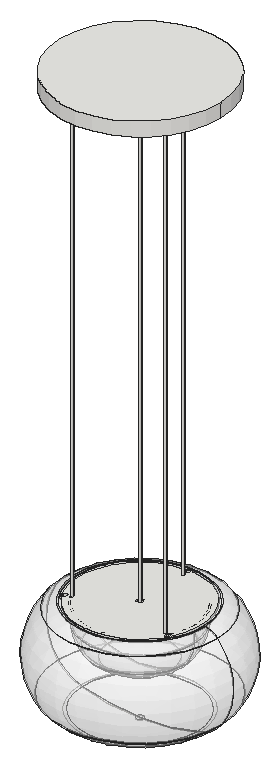
Revit family "CONV_Zero_GnrlPrpseLmnrs_MistPendant", category Lighting Fixtures, host Ceiling, Revit 2015
Parameters (values of type "Mist pendant 250 LED 880LM/9W Opal")
  Wattage = 5.92425 W
  WarrantyStartDate [instance] = "n/a"
  WarrantyGuarantorParts = "n/a"
  WarrantyGuarantorLabor = "n/a"
  WarrantyDurationUnit = "Year"
  WarrantyDurationParts = "n/a"
  WarrantyDurationLabor = "n/a"
  WarrantyDescription = "n/a"
  built-in parameter 1150110 = 1 (stored number, unit not read)
  VersionDate = "13/01/2018"  # constant formula
  Version = "1"  # constant formula
  UsageCurrent = 0 A
  Uniclass2015Reference = "Pr_70_70_48_86"
  Uniclass2015Description = "Suspended luminaires"
  Uniclass2 = "Pr_70_70_49_86"
  URL = "https://www.zerolighting.com/mist-inompe"
  TotalWattage = 9 W
  built-in parameter 1114217 = 1 (stored number, unit not read)
  Tilt Angle = 90.00°
  built-in parameter 1150109 = 1 (stored number, unit not read)
  built-in parameter 1150134 = (empty or 0)
  TagNumber [instance] = "n/a"
  SustainabilityPerformance = "n/a"
  built-in parameter 1150113 = 1 (stored number, unit not read)
  Size = "250x250x137 mm"
  Shape = "Sculptured"
  SerialNumber [instance] = "n/a"
  Revision = "n/a"
  ReplacementCost = "n/a"
  ProductInformation = "n/a"
  Photometric Web File = "Mist83651.IES"
  PhaseReference = "n/a"
  PhaseAngle = 0.00°
  Offset [instance] = -CableLength - 18 mm - NominalHeight  # -755 mm
  NumberOfSources = 0
  NumberOfPoles = 1
  NominalWidth = 250 mm
  NominalVoltageCalc = 0 V
  NominalVoltage = 230 V
  NominalRadius = 125 mm
  NominalLength = 250 mm
  NominalHeight = 137 mm
  NominalFrequencyRange = 50 Hz
  NominalDiameter = 250 mm
  NominalCurrent = 0 A
  Name = "GnrlPrpseLmnrs_MistPendant"
  NBSReference = "90-60-50/405"
  NBSDescription = "General purpose luminaires"
  ModelType = mist-pendel-250 : mist-pendel-250
  ModelReference = "n/a"
  ModelNumber = "8365-1-01"
  Model = "Mist pendant 250 LED 880LM/9W Opal"
  Material = "Metal and acrylic"
  ManufacturersSpecificInformation = "n/a"
  ManufacturerURL = "https://www.zerolighting.com/"
  ManufacturerName = "Zero"
  Manufacturer = "Zero"
  MaintenanceFactor = 0
  Lumens = 880 lm
  built-in parameter 1150115 = 1 (stored number, unit not read)
  built-in parameter 1150105 = 70.028 (stored number, unit not read)
  LightFixturePlacingType = "Ceiling"
  LightFixtureMountingType = "Suspended"
  LightFixtureMainMaterial = Opalwhite
  built-in parameter 1150137 = (empty or 0)
  built-in parameter 1150139 = (empty or 0)
  LensMaterial = Difused glass
  built-in parameter 1150112 = 1 (stored number, unit not read)
  built-in parameter 1150114 = 1 (stored number, unit not read)
  InsulationStandardClass = "n/a"
  InstallationDate [instance] = "n/a"
  built-in parameter 1150132 = 2
  built-in parameter 1150102 = (empty or 0)
  built-in parameter 1150138 = (empty or 0)
  built-in parameter 1150107 = 3000 (stored number, unit not read)
  built-in parameter 1150106 = 0.70028 (stored number, unit not read)
  IfcExportType = "NOTDEFINED"  # constant formula
  IfcExportAs = "IfcLightFixtureType"  # constant formula
  IP_Code = "IP20"
  HasProtectiveEarth = yes
  Grade = "n/a"
  Finish = "White painted metal, matt acrylic"
  Features = "Terminal block inside canopy"
  ExpiringDate = "07/2018"  # constant formula
  ExpectedLife = "n/a"
  Emit from Circle Diameter = NominalDiameter  # 250 mm
  Emit Shape Visible in Rendering = no
  ElectricalDeviceNominalPower = 0
  built-in parameter 1150104 = 13.8 (stored number, unit not read)
  EANNumber = "n/a"
  DurationUnit = "Year"
  Dimming Lamp Color Temperature Shift = <None>
  Dimming = ""
  Designer = "Front Design 2017"
  DefaultElevation = 0 mm
  ConvergoRefNr = "0046-1708-0033-SE"
  Constituents = "n/a"
  Color Filter = 16777215
  Color = "Opal"
  Collection = "Mist"
  CodePerformance = "n/a"
  Category = "Pendant"
  CableLength [instance] = 600 mm
  Brand = "Zero"
  Barcode [instance] = "n/a"
  built-in parameter 1114218 = 1 (stored number, unit not read)
  BIMObjectName = "CONV_Zero_GnrlPrpseLmnrs_MistPendant"
  Author = "Convergo AB"  # constant formula
  built-in parameter 1150133 = 10 (stored number, unit not read)
  AssetType = "Fixed"
  AssetIdentifier [instance] = "n/a"
  ArticleNumber = "8365-1-01"
  AccessibilityPerformance = "n/a"
Types (18, lengths in mm): name | Wattage | TotalWattage | Size | Photometric Web File | Offset | NominalWidth | NominalRadius | NominalLength | NominalHeight | NominalDiameter | ModelType | ModelNumber | Model | Lumens | built-in parameter 1150105 | LightFixtureMainMaterial | built-in parameter 1150106 | Emit from Circle Diameter | Dimming | ConvergoRefNr | Color | ArticleNumber
  Mist pendant 250 LED 880LM/9W Opal | 5.92425 W | 9 W | "250x250x137 mm" | "Mist83651.IES" | -755 | 250 | 125 | 250 | 137 | 250 | mist-pendel-250 : mist-pendel-250 | "8365-1-01" | "Mist pendant 250 LED 880LM/9W Opal" | 880 lm | 70.028 (stored number, unit not read) | Opalwhite | 0.70028 (stored number, unit not read) | 250 | "" | "0046-1708-0033-SE" | "Opal" | "8365-1-01"
  Mist pendant 350 LED 1947LM/26W Opal | 13.1074 W | 26 W | "350x350x193 mm" | "Mist83653.IES" | -811 | 350 | 175 | 350 | 193 | 350 | mist-pendel-350 : mist-pendel-350 | "8365-3-01" | "Mist pendant 350 LED 1947LM/26W Opal" | 1947 lm | 352.55 (stored number, unit not read) | Opalwhite | 3.5255 (stored number, unit not read) | 350 | "" | "0046-1708-0034-SE" | "Opal" | "8365-3-01"
  Mist pendant 450 LED 2130LM/26W Opal | 14.3394 W | 26 W | "450x450x247 mm" | "Mist83655.IES" | -865 | 450 | 225 | 450 | 247 | 450 | mist-pendel-450 : mist-pendel-450 | "8365-5-01" | "Mist pendant 450 LED 2130LM/26W Opal" | 2130 lm | 385.69 (stored number, unit not read) | Opalwhite | 3.8569 (stored number, unit not read) | 450 | "" | "0046-1708-0035-SE" | "Opal" | "8365-5-01"
  Mist pendant 250 LED 880LM/9W Yellow | 5.92425 W | 9 W | "250x250x137 mm" | "Mist83651.IES" | -755 | 250 | 125 | 250 | 137 | 250 | mist-pendel-250 : mist-pendel-250 | "8365-1-14" | "Mist pendant 250 LED 880LM/9W Yellow" | 880 lm | 70.028 (stored number, unit not read) | Yellow | 0.70028 (stored number, unit not read) | 250 | "" | "0046-1708-0033-SE" | "Yellow" | "8365-1-14"
  Mist pendant 250 LED 880LM/9W Pink | 5.92425 W | 9 W | "250x250x137 mm" | "Mist83651.IES" | -755 | 250 | 125 | 250 | 137 | 250 | mist-pendel-250 : mist-pendel-250 | "8365-1-42" | "Mist pendant 250 LED 880LM/9W Pink" | 880 lm | 70.028 (stored number, unit not read) | Pink | 0.70028 (stored number, unit not read) | 250 | "" | "0046-1708-0033-SE" | "Pink" | "8365-1-42"
  Mist pendant 350 LED 1947LM/26W Yellow | 13.1074 W | 26 W | "350x350x193 mm" | "Mist83653.IES" | -811 | 350 | 175 | 350 | 193 | 350 | mist-pendel-350 : mist-pendel-350 | "8365-3-14" | "Mist pendant 350 LED 1947LM/26W Yellow" | 1947 lm | 352.55 (stored number, unit not read) | Yellow | 3.5255 (stored number, unit not read) | 350 | "" | "0046-1708-0034-SE" | "Yellow" | "8365-3-14"
  Mist pendant 350 LED 1947LM/26W Pink | 13.1074 W | 26 W | "350x350x193 mm" | "Mist83653.IES" | -811 | 350 | 175 | 350 | 193 | 350 | mist-pendel-350 : mist-pendel-350 | "8365-3-42" | "Mist pendant 350 LED 1947LM/26W Pink" | 1947 lm | 352.55 (stored number, unit not read) | Pink | 3.5255 (stored number, unit not read) | 350 | "" | "0046-1708-0034-SE" | "Pink" | "8365-3-42"
  Mist pendant 450 LED 2130LM/26W Yellow | 14.3394 W | 26 W | "450x450x247 mm" | "Mist83655.IES" | -865 | 450 | 225 | 450 | 247 | 450 | mist-pendel-450 : mist-pendel-450 | "8365-5-14" | "Mist pendant 450 LED 2130LM/26W Yellow" | 2130 lm | 385.69 (stored number, unit not read) | Yellow | 3.8569 (stored number, unit not read) | 450 | "" | "0046-1708-0035-SE" | "Yellow" | "8365-5-14"
  Mist pendant 450 LED 2130LM/26W Pink | 14.3394 W | 26 W | "450x450x247 mm" | "Mist83655.IES" | -865 | 450 | 225 | 450 | 247 | 450 | mist-pendel-450 : mist-pendel-450 | "8365-5-42" | "Mist pendant 450 LED 2130LM/26W Pink" | 2130 lm | 385.69 (stored number, unit not read) | Pink | 3.8569 (stored number, unit not read) | 450 | "" | "0046-1708-0035-SE" | "Pink" | "8365-5-42"
  Mist pendant 250 LED 880LM/9W Opal HFF | 5.92425 W | 9 W | "250x250x137 mm" | "Mist83651.IES" | -755 | 250 | 125 | 250 | 137 | 250 | mist-pendel-250 : mist-pendel-250 | "8365-1-01HFF" | "Mist pendant 250 LED 880LM/9W Opal HFF" | 880 lm | 70.028 (stored number, unit not read) | Opalwhite | 0.70028 (stored number, unit not read) | 250 | "Dimmable DALI or SwitchDim" | "0046-1708-0033-SE" | "Opal" | "8365-1-01HFF"
  Mist pendant 250 LED 880LM/9W Pink HFF | 5.92425 W | 9 W | "250x250x137 mm" | "Mist83651.IES" | -755 | 250 | 125 | 250 | 137 | 250 | mist-pendel-250 : mist-pendel-250 | "8365-1-42HFF" | "Mist pendant 250 LED 880LM/9W Pink HFF" | 880 lm | 70.028 (stored number, unit not read) | Pink | 0.70028 (stored number, unit not read) | 250 | "Dimmable DALI or SwitchDim" | "0046-1708-0033-SE" | "Pink" | "8365-1-42HFF"
  Mist pendant 250 LED 880LM/9W Yellow HFF | 5.92425 W | 9 W | "250x250x137 mm" | "Mist83651.IES" | -755 | 250 | 125 | 250 | 137 | 250 | mist-pendel-250 : mist-pendel-250 | "8365-1-14HFF" | "Mist pendant 250 LED 880LM/9W Yellow HFF" | 880 lm | 70.028 (stored number, unit not read) | Yellow | 0.70028 (stored number, unit not read) | 250 | "Dimmable DALI or SwitchDim" | "0046-1708-0033-SE" | "Yellow" | "8365-1-14HFF"
  Mist pendant 350 LED 1947LM/26W Opal HFF | 13.1074 W | 26 W | "350x350x193 mm" | "Mist83653.IES" | -811 | 350 | 175 | 350 | 193 | 350 | mist-pendel-350 : mist-pendel-350 | "8365-3-01HFF" | "Mist pendant 350 LED 1947LM/26W Opal HFF" | 1947 lm | 352.55 (stored number, unit not read) | Opalwhite | 3.5255 (stored number, unit not read) | 350 | "Dimmable DALI or SwitchDim" | "0046-1708-0034-SE" | "Opal" | "8365-3-01HFF"
  Mist pendant 350 LED 1947LM/26W Pink HFF | 13.1074 W | 26 W | "350x350x193 mm" | "Mist83653.IES" | -811 | 350 | 175 | 350 | 193 | 350 | mist-pendel-350 : mist-pendel-350 | "8365-3-42HFF" | "Mist pendant 350 LED 1947LM/26W Pink HFF" | 1947 lm | 352.55 (stored number, unit not read) | Pink | 3.5255 (stored number, unit not read) | 350 | "Dimmable DALI or SwitchDim" | "0046-1708-0034-SE" | "Pink" | "8365-3-42HFF"
  Mist pendant 350 LED 1947LM/26W Yellow HFF | 13.1074 W | 26 W | "350x350x193 mm" | "Mist83653.IES" | -811 | 350 | 175 | 350 | 193 | 350 | mist-pendel-350 : mist-pendel-350 | "8365-3-14HFF" | "Mist pendant 350 LED 1947LM/26W Yellow HFF" | 1947 lm | 352.55 (stored number, unit not read) | Yellow | 3.5255 (stored number, unit not read) | 350 | "Dimmable DALI or SwitchDim" | "0046-1708-0034-SE" | "Yellow" | "8365-3-14HFF"
  Mist pendant 450 LED 2130LM/26W Opal HFF | 14.3394 W | 26 W | "450x450x247 mm" | "Mist83655.IES" | -865 | 450 | 225 | 450 | 247 | 450 | mist-pendel-450 : mist-pendel-450 | "8365-5-01HFF" | "Mist pendant 450 LED 2130LM/26W Opal HFF" | 2130 lm | 385.69 (stored number, unit not read) | Opalwhite | 3.8569 (stored number, unit not read) | 450 | "Dimmable DALI or SwitchDim" | "0046-1708-0035-SE" | "Opal" | "8365-5-01HFF"
  Mist pendant 450 LED 2130LM/26W Pink HFF | 14.3394 W | 26 W | "450x450x247 mm" | "Mist83655.IES" | -865 | 450 | 225 | 450 | 247 | 450 | mist-pendel-450 : mist-pendel-450 | "8365-5-42HFF" | "Mist pendant 450 LED 2130LM/26W Pink HFF" | 2130 lm | 385.69 (stored number, unit not read) | Pink | 3.8569 (stored number, unit not read) | 450 | "Dimmable DALI or SwitchDim" | "0046-1708-0035-SE" | "Pink" | "8365-5-42HFF"
  Mist pendant 450 LED 2130LM/26W Yellow HFF | 14.3394 W | 26 W | "450x450x247 mm" | "Mist83655.IES" | -865 | 450 | 225 | 450 | 247 | 450 | mist-pendel-450 : mist-pendel-450 | "8365-5-14HFF" | "Mist pendant 450 LED 2130LM/26W Yellow HFF" | 2130 lm | 385.69 (stored number, unit not read) | Yellow | 3.8569 (stored number, unit not read) | 450 | "Dimmable DALI or SwitchDim" | "0046-1708-0035-SE" | "Yellow" | "8365-5-14HFF"
Reference planes
  plane 1 "Light Source Axis (F/B)": y = 0
  plane 2: z = 0
  plane 3 "Light Source Axis (L/R)": x = 0
  plane 4 "Ceiling": z = 0
  plane 5 "Light Source Elevation": z = -751
  plane 6: y = 125
  plane 7: y = -125
  plane 8: x = -125
  plane 9: x = 125
  plane 10: z = -618
  plane 11: z = -755
  plane 12: z = -18
Forms (mm)
  Extrusion 1, solid, material "Opalwhite", detail levels medium+fine
    sketch origin (0, 0, -751) x (-1, 0, 0) y (0, -1, 0)
      loop
        circle (0, 0) r 1.5
      loop
        circle (0, -70) r 1.5
      loop
        circle (60.622, 35) r 1.5
      loop
        circle (-60.622, 35) r 1.5
    from 133 to 733
  Extrusion 2, solid, material "Opalwhite" <- "LightFixtureMainMaterial", detail levels coarse
    sketch origin (0, 0, 0) x (1, 0, 0) y (0, 0, 1)
      loop
        line (125, 0) -> (-125, 0) -> (-125, -755) -> (125, -755) -> (125, 0)
    from -125 to 125
  Extrusion 3, solid, material "Opalwhite" <- "LightFixtureMainMaterial", detail levels coarse
    sketch origin (0, 0, 0) x (0, 1, 0) y (0, 0, 1)
      loop
        line (125, -755) -> (125, 0) -> (-125, 0) -> (-125, -755) -> (125, -755)
    from -125 to 125
  Extrusion 4, solid, material "Opalwhite" <- "LightFixtureMainMaterial", detail levels medium+fine
    sketch origin (0, 0, -751) x (-1, 0, 0) y (0, -1, 0)
      loop
        circle (0, 0) r 105
    from 733 to 751
Lines and regions (mm)
  symbolic lines, detail levels fine
    curve 1: line (63.622, 0, 0) -> (57.622, 0, 0)
    curve 3: line (1.5, 0, 0) -> (-1.5, 0, 0)
    curve 5: line (-59.122, 0, 0) -> (-62.122, 0, 0)
    curve 6: line (0, 73, -18) -> (0, 67, -18)
    curve 7: line (0, 1.5, -18) -> (0, -1.5, -18)
    curve 8: line (0, -33.472, -18) -> (0, -36.501, -18)
  symbolic lines, detail levels medium+fine
    curve 2: line (57.622, 0, 0) -> (1.5, 0, 0)
    curve 4: line (-1.5, 0, 0) -> (-59.122, 0, 0)
    curve 21: line (-105, 0, -18) -> (105, 0, -18)
    curve 22: line (105, 0, 0) -> (-105, 0, 0)
    curve 23: line (105, 0, 0) -> (105, 0, -18)
    curve 24: line (-105, 0, 0) -> (-105, 0, -18)
    curve 25: line (0, -105, -18) -> (0, 105, -18)
    curve 26: line (0, 105, 0) -> (0, -105, 0)
    curve 27: line (0, 105, 0) -> (0, 105, -18)
    curve 28: line (0, -105, 0) -> (0, -105, -18)
  symbolic lines, detail levels coarse
    curve 9: line (0, 125, -755) -> (0, -125, -755)
    curve 10: line (0, 125, 0) -> (0, 125, -755)
    curve 11: line (0, -125, 0) -> (0, 125, 0)
    curve 12: line (0, -125, -755) -> (0, -125, 0)
    curve 13: line (125, 0, 0) -> (-125, 0, 0)
    curve 14: line (125, 0, -755) -> (125, 0, 0)
    curve 15: line (-125, 0, -755) -> (125, 0, -755)
    curve 16: line (-125, 0, 0) -> (-125, 0, -755)
    curve 17: line (125, 125, 0) -> (-125, 125, 0)
    curve 18: line (125, -125, 0) -> (125, 125, 0)
    curve 19: line (-125, -125, 0) -> (125, -125, 0)
    curve 20: line (-125, 125, 0) -> (-125, -125, 0)
Dimensions and locks
  equal spacing: host sketch curve, plane 3 "Light Source Axis (L/R)", host sketch curve
  equal spacing: host sketch curve, plane 1 "Light Source Axis (F/B)", host sketch curve
  host sketch curve to host sketch curve = 4000 mm  (x2)
  locked: plane 4 "Ceiling" to host ceiling at 0
  equal spacing: plane 6, plane 1 "Light Source Axis (F/B)", plane 7
  "NominalWidth": plane 6 to plane 7
  equal spacing: plane 8, plane 3 "Light Source Axis (L/R)", plane 9
  "NominalLength": plane 8 to plane 9
  "NominalHeight": plane 10 to plane 11
  plane 1 "Light Source Axis (F/B)" to Extrusion 1 sketch curve = 70 mm
  plane 5 "Light Source Elevation" to plane 10 = 133 mm
  "CableLength": plane 10 to plane 12
  aligned and locked: plane 1 "Light Source Axis (F/B)" to imposter light
  aligned and locked: plane 5 "Light Source Elevation" to imposter light
  aligned and locked: plane 2 to Extrusion 2 sketch curve
  aligned and locked: Extrusion 2 sketch curve to plane 9
  aligned and locked: plane 11 to Extrusion 2 sketch curve
  aligned and locked: plane 8 to Extrusion 2 sketch curve
  aligned and locked: plane 6 to Extrusion 2
  aligned and locked: Extrusion 2 to plane 7
  aligned and locked: curve 6 to Extrusion 1
  aligned and locked: curve 9 to Extrusion 2
  aligned and locked: curve 10 to Extrusion 2
  aligned and locked: curve 11 to Extrusion 2
  aligned and locked: curve 12 to Extrusion 2
  aligned and locked: curve 13 to Extrusion 2
  aligned and locked: curve 14 to Extrusion 2
  aligned and locked: curve 15 to Extrusion 2
  aligned and locked: curve 16 to Extrusion 2
  aligned and locked: Extrusion 1 to plane 10
  aligned and locked: Extrusion 3 sketch curve to Extrusion 2  (x4)
  aligned and locked: plane 8 to Extrusion 3
  aligned and locked: Extrusion 3 to plane 9
  aligned and locked: curve 17 to plane 6
  aligned and locked: curve 18 to plane 9
  aligned and locked: plane 7 to curve 19
  aligned and locked: curve 20 to plane 8
  aligned and locked: level to Extrusion 4
  aligned and locked: curve 21 to Extrusion 4
  aligned and locked: curve 22 to Extrusion 4
  aligned and locked: plane 12 to Extrusion 4
  aligned and locked: Extrusion 4 to level
  aligned and locked: Extrusion 1 to Extrusion 4
  aligned and locked: curve 25 to Extrusion 4
  aligned and locked: curve 26 to Extrusion 4
  aligned and locked: plane 12 to curve 8
  aligned and locked: plane 12 to curve 7
Automatic sketch dimensions
  Extrusion 1 sketch curve to plane 3 "Light Source Axis (L/R)" = 0 mm  (x2)
  plane 1 "Light Source Axis (F/B)" to Extrusion 1 sketch curve = 0 mm
  plane 3 "Light Source Axis (L/R)" to Extrusion 1 sketch curve = 60.622 mm
  Extrusion 1 sketch curve to plane 3 "Light Source Axis (L/R)" = 60.622 mm
  plane 1 "Light Source Axis (F/B)" to Extrusion 1 sketch curve = 35 mm  (x2)
  plane 1 "Light Source Axis (F/B)" to Extrusion 4 sketch curve = 0 mm
  Extrusion 4 sketch curve to plane 3 "Light Source Axis (L/R)" = 0 mm
  curve 22 to level = 0 mm
  curve 5 to level = 0 mm
  curve 13 to level = 0 mm
  curve 3 to plane 3 "Light Source Axis (L/R)" = 1.5 mm
  plane 3 "Light Source Axis (L/R)" to curve 2 = 1.5 mm
  plane 9 to curve 21 = 20 mm
  curve 23 to curve 22 = 18 mm
  curve 21 to plane 8 = 20 mm
  curve 5 to curve 4 = 3 mm
  curve 1 to curve 1 = 6 mm
  plane 12 to curve 25 = 0 mm
  curve 26 to level = 0 mm
  plane 7 to curve 25 = 20 mm
  plane 1 "Light Source Axis (F/B)" to curve 8 = 36.501 mm
  curve 7 to plane 1 "Light Source Axis (F/B)" = 1.5 mm
  curve 27 to plane 6 = 20 mm
  curve 6 to curve 25 = 38 mm
  curve 6 to curve 6 = 6 mm
  plane 1 "Light Source Axis (F/B)" to curve 7 = 1.5 mm
  curve 8 to curve 8 = 3.029 mm
  curve 2 to curve 22 = 47.378 mm
  curve 22 to curve 4 = 45.878 mm
  radius of Extrusion 1 sketch curve = 1.5 mm  (x4)
  radius of Extrusion 4 sketch curve = 105 mm
Nested families
  nested 1: "mist-pendel-250" at (0, 0, -755), Material1 <- "LightFixtureMainMaterial", Material2 <- "LensMaterial", type <- "ModelType", built-in parameter 1001364 <- "Offset", type "mist-pendel-250"
    with Material2 Difused glass, Material1 Opalwhite
Connectors
  electrical at (0, 0, 0), driven by "NominalVoltage"
    settings: on Extrusion 4, index 1, voltage 230 V, apparent load 0 VA, apparent load phase1 0 VA, apparent load phase2 0 VA, apparent load phase3 0 VA, power factor 1, load classification "Other", number of poles 1, system type 31, power factor state 1, is connector primary yes, connector utility no, sub classification motor no, connector description ""
Definition of nested family "mist-pendel-250"
  Parameters (values of type "mist-pendel-250")
    Material2 [instance] = none
    Material1 [instance] = none
  Reference planes
    plane 1 "Center (Front/Back)": y = 0
    plane 2: z = 0
    plane 3 "Center (Left/Right)": x = 0
  Forms (mm)
    Extrusion 1, solid, material <- "Material1", detail levels medium+fine
      sketch origin (0, 0, 0) x (1, 0, 0) y (0, 1, 0)
        loop
          arc (-4.267, 79.886) -> (-69.223, 40.102) -> (-71.424, -36.037) r 80
          arc (-71.424, -36.037) -> (-71.505, -41.163) -> (-67.032, -43.666) r 5
          arc (-67.032, -43.666) -> (0, -80) -> (67.032, -43.666) r 80
          arc (67.032, -43.666) -> (71.505, -41.163) -> (71.424, -36.037) r 5
          arc (71.424, -36.037) -> (69.223, 40.102) -> (4.267, 79.886) r 80
          arc (4.267, 79.886) -> (0, 82.28) -> (-4.267, 79.886) r 5
        loop
          circle (-67.172, -38.668) r 3
        loop
          circle (67.172, -38.668) r 3
        loop
          circle (0, 77.28) r 3
      from 135 to 137
    Revolve 2, solid, material <- "Material2", detail levels medium+fine
      sketch origin (0, 0, 0) x (1, 0, 0) y (0, 0, 1)
        loop
          arc (-73.549, 135) -> (-72.849, 134.686) -> (-72.515, 133.995) r 1.118
          arc (-72.515, 133.995) -> (-72.131, 122.982) -> (-71.276, 111.996) r 258.012
          arc (-71.276, 111.996) -> (-67.984, 97.851) -> (-61.173, 85.024) r 56.137
          arc (-61.173, 85.024) -> (-52.98, 76.45) -> (-42.68, 70.575) r 41.073
          arc (-42.68, 70.575) -> (-21.739, 64.418) -> (-0.047, 62.001) r 124.87
          line (-0.047, 62.001) -> (-0.047, 64.001)
          arc (-0.047, 64.001) -> (-21.368, 66.383) -> (-41.95, 72.437) r 122.87
          arc (-41.95, 72.437) -> (-51.749, 78.026) -> (-59.543, 86.182) r 39.073
          arc (-59.543, 86.182) -> (-66.111, 98.552) -> (-69.286, 112.193) r 54.137
          arc (-69.286, 112.193) -> (-70.133, 123.083) -> (-70.515, 134) r 256.012
          arc (-70.515, 134) -> (-70.563, 134.507) -> (-70.692, 135) r 3.169
          line (-70.692, 135) -> (-73.549, 135)
        axis (0, 62.001) -> (0, 135)
      angle from 0 to 360
    Extrusion 3, void
      sketch origin (0, 0, 0) x (1, 0, 0) y (0, 1, 0)
        loop
          circle (-0.047, 0) r 4.043
      from 119.164 to 151.07
    Revolve 4, solid, material <- "Material2", detail levels medium+fine
      sketch origin (0, 0, 0) x (1, 0, 0) y (0, 0, 1)
        loop
          line (-83.037, 137) -> (-85, 137)
          arc (-85, 137) -> (-93.843, 134.182) -> (-101.246, 128.584) r 27.513
          arc (-101.246, 128.584) -> (-122.08, 80.331) -> (-107.303, 29.891) r 77.427
          arc (-107.303, 29.891) -> (-94.284, 18.23) -> (-78.459, 10.812) r 60.048
          arc (-78.459, 10.812) -> (-42.125, 2.718) -> (-5, 0) r 254.944
          line (-5, 0) -> (0, 0) -> (0, 1) -> (-5, 1)
          arc (-5, 1) -> (-40.342, 3.471) -> (-74.996, 10.837) r 253.944
          arc (-74.996, 10.837) -> (-92.142, 18.467) -> (-106.526, 30.523) r 67.514
          arc (-106.526, 30.523) -> (-121.08, 80.295) -> (-100.517, 127.9) r 76.427
          arc (-100.517, 127.9) -> (-93.413, 133.278) -> (-84.93, 136) r 26.513
          line (-84.93, 136) -> (-83.037, 136) -> (-83.037, 137)
        axis (0, 0) -> (0, 137)
      angle from 0 to 360
  Cuts and joins
    Extrusion 3 cuts Extrusion 1
    Extrusion 3 cuts Revolve 2
  Lines and regions (mm)
    symbolic lines, detail levels medium+fine
      curve 1: line (-85, 0, 137) -> (85, 0, 137)
      curve 2: line (-85, 0, 137) -> (-107.303, 0, 29.891)
      curve 3: line (-107.303, 0, 29.891) -> (0, 0, 0)
      curve 4: line (85, 0, 137) -> (107.303, 0, 29.891)
      curve 5: line (107.303, 0, 29.891) -> (0, 0, 0)
      curve 6: line (0, 0, 137) -> (0, 85, 137)
      curve 7: line (0, 85, 137) -> (0, 0, 0)
      curve 8: line (0, 0, 137) -> (0, -85, 137)
      curve 9: line (0, -85, 137) -> (0, 0, 0)
      curve 10: circle (0.047, 0, 0) r 125 normal (0, 0, 1)
    symbolic lines, detail levels fine
      curve 11: circle (0, 0, 0) r 75 normal (0, 0, 1)
      curve 12: line (-72.515, 0, 133.995) -> (-72.515, 0, 137)
      curve 13: line (-72.515, 0, 133.995) -> (0, 0, 61.934)
      curve 14: line (72.515, 0, 133.995) -> (72.515, 0, 137)
      curve 15: line (72.515, 0, 133.995) -> (0, 0, 61.934)
      curve 16: line (0, 72.515, 133.995) -> (0, 72.515, 137)
      curve 17: line (0, 72.515, 133.995) -> (0, 0, 61.718)
      curve 18: line (0, -72.515, 133.995) -> (0, -72.515, 137)
      curve 19: line (0, -72.515, 133.995) -> (0, 0, 61.718)
  Dimensions and locks
    aligned and locked: level to plane 2
    aligned and locked: curve 1 to Revolve 4
    aligned and locked: curve 6 to Revolve 4
    aligned and locked: curve 12 to cut or joined group of Revolve 2, Extrusion 3
